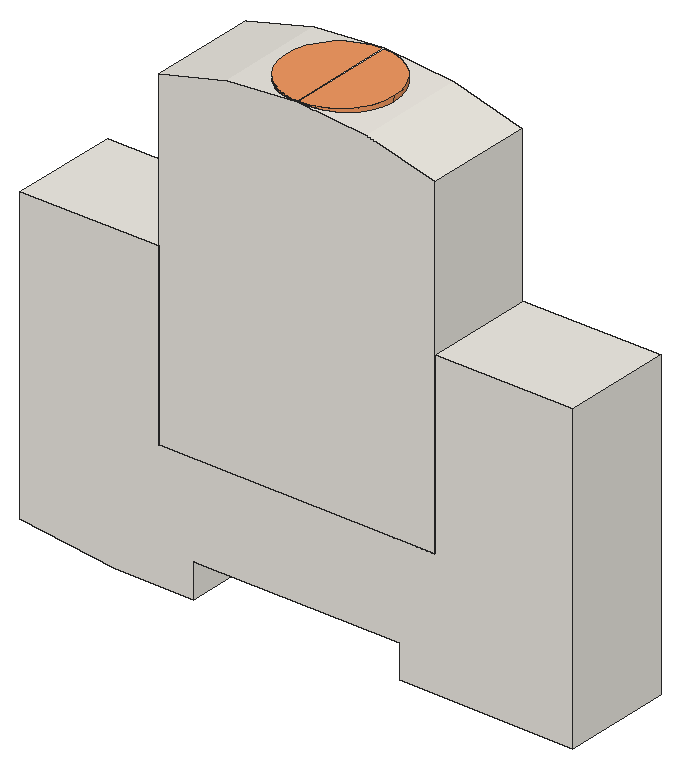
Revit family "Überspannungsableiter V20", category Generic Models, Revit 2015
Parameters (values of type "V20-1-550")
  Width = 90 mm
  URL = "http://www.obo-bettermann.com"
  Material 2 = PA 66/6 FR HF RAL 2003
  Material = PA 66/6 FR HF RAL 9010
  Manufacturer Art.No. = "5095211"
  Manufacturer = "OBO Bettermann"
  Length = 17.8 mm
  Height = 78.5 mm
  GTIN = "4012196159956"
  Article Type = "V20-1-550"
Types (8, lengths in mm): name | Manufacturer Art.No. | GTIN | Article Type
  (no name) | "5095211" | "4012196159956" | "V20-1-550"
  V20-1-75 | "5095141" | "4012196159727" | "V20-1-75"
  V20-1-150 | "5095151" | "4012196159758" | "V20-1-150"
  V20-1-280 | "5095161" | "4012196159802" | "V20-1-280"
  V20-1-320 | "5095171" | "4012196159840" | "V20-1-320"
  V20-1-385 | "5095191" | "4012196159888" | "V20-1-385"
  V20-1-440 | "5095201" | "4012196159949" | "V20-1-440"
  V20-1-550 | "5095211" | "4012196159956" | "V20-1-550"
Reference planes
  plane 1 "Center (Front/Back)": y = 0
  plane 2: z = 0
  plane 3 "Center (Left/Right)": x = 0
  plane 4: y = 17.8
  plane 5: z = 78.5
  plane 6: z = 78.5
  plane 7: z = 77.5
Forms (mm)
  Extrusion 1, solid, material "PA 66/6 FR HF RAL 9010" <- "Material"
    sketch origin (0, 0, 0) x (1, 0, 0) y (0, 0, 1)
      loop
        line (-29.35, 0) -> (-16.75, 0) -> (-16.75, 5.5) -> (16.75, 5.5) -> (16.75, 0) -> (45, 0) -> (45, 49.5) -> (22.5, 49.5) -> (22.5, 20.5) -> (-22.5, 20.5) -> (-22.5, 49.5) -> (-45, 49.5) -> (-45, 1.922) -> (-29.35, 0)
    from -17.8 to 0
  Extrusion 2, solid, material "PA 66/6 FR HF RAL 9010" <- "Material"
    sketch origin (0, 0, 0) x (1, 0, 0) y (0, 0, 1)
      loop
        line (-22.5, 20.5) -> (22.5, 20.5) -> (22.5, 74.639)
        arc (22.5, 74.639) -> (0, 78.5) -> (-22.5, 74.639) r 67.488
        line (-22.5, 74.639) -> (-22.5, 20.5)
    from -17.8 to 0
  Extrusion 3, solid, material "PA 66/6 FR HF RAL 2003" <- "Material 2"
    sketch origin (0, 0, 0) x (1, 0, 0) y (0, 1, 0)
      loop
        circle (0, 8.9) r 8.75
    from 77.5 to 78.5
Dimensions and locks
  locked: Extrusion 1 sketch curve to Extrusion 1 sketch curve at 33.5
  locked: plane 3 "Center (Left/Right)" to Extrusion 1 sketch curve at 16.75
  locked: Extrusion 1 sketch curve to level at 5.5
  "Width": Extrusion 1 sketch curve to Extrusion 1 sketch curve
  equal spacing: Extrusion 1 sketch curve, plane 3 "Center (Left/Right)", Extrusion 1 sketch curve, locked at 45 each
  locked: Extrusion 1 sketch curve to Extrusion 1 sketch curve at 44
  locked: Extrusion 1 sketch curve to Extrusion 1 sketch curve at 45
  equal spacing: Extrusion 1 sketch curve, plane 3 "Center (Left/Right)", Extrusion 1 sketch curve, locked at 22.5 each
  locked: Extrusion 1 sketch curve to Extrusion 1 sketch curve at 29
  locked: Extrusion 1 sketch curve to Extrusion 1 sketch curve at 15.65
  locked: Extrusion 1 sketch curve to level at 1.922
  "Length": plane 1 "Center (Front/Back)" to plane 4
  "Height": plane 5 to level
  locked: Extrusion 2 sketch curve to Extrusion 1 at 54.139
  locked: Extrusion 2 to Extrusion 3 sketch curve at 8.9
  "Height": plane 6 to level
  locked: plane 6 to plane 7 at 1
  radius of Extrusion 2 sketch curve = 67.488 mm
  radius of Extrusion 3 sketch curve = 8.75 mm
  aligned and locked: level to plane 2
  aligned and locked: Extrusion 1 sketch curve to level  (x2)
  aligned and locked: Extrusion 1 sketch curve to Extrusion 1 sketch curve
  aligned and locked: plane 4 to Extrusion 1
  aligned and locked: plane 1 "Center (Front/Back)" to Extrusion 1
  aligned and locked: Extrusion 2 sketch curve to Extrusion 1  (x3)
  aligned and locked: Extrusion 2 sketch curve to Extrusion 2 sketch curve
  aligned and locked: Extrusion 1 to Extrusion 2
  aligned and locked: plane 1 "Center (Front/Back)" to Extrusion 2
  aligned and locked: plane 6 to Extrusion 3
  aligned and locked: Extrusion 3 to plane 7
Automatic sketch dimensions
  Extrusion 3 sketch curve to plane 3 "Center (Left/Right)" = 0 mm
